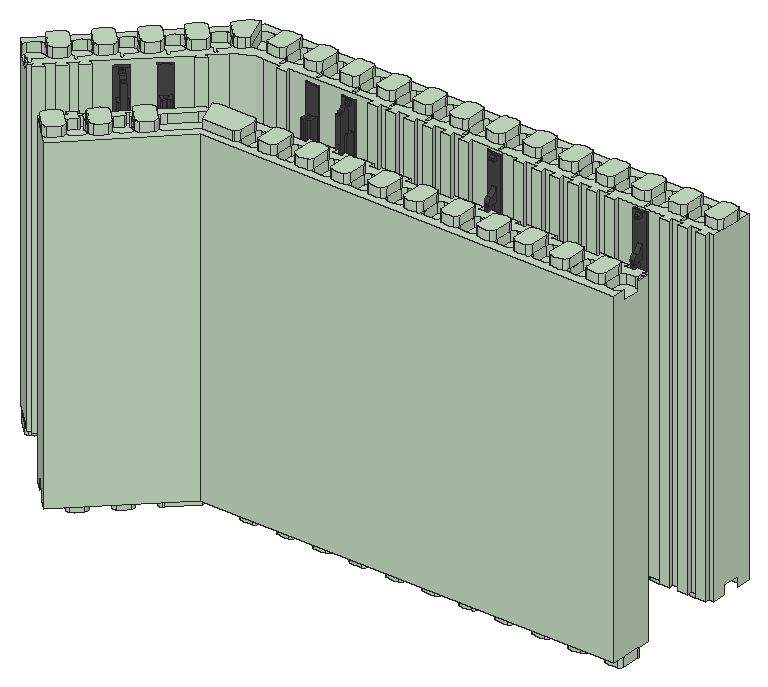
Revit family
Reference planes
  plane 1 "Center (Front/Back)": y = 0
  plane 2: z = 0
  plane 3 "Center (Left/Right)": x = 0
Forms (mm)
  Extrusion 1, solid, material "NUDURA Expanded Polystyrene Foam Insulation"
    sketch origin (0.184, 0.07, 0) x (1, 0, 0) y (0, 1, 0)
      loop
        line (-48.66, 117.475) -> (-237.801, -71.666) -> (-195.145, -114.323) -> (-190.095, -109.273) -> (-186.724, -114.882) -> (-176.625, -104.783) -> (-182.234, -101.412) -> (-172.135, -91.312) -> (-168.764, -96.922) -> (-158.664, -86.822) -> (-164.274, -83.452) -> (-154.174, -73.352) -> (-150.803, -78.961) -> (-140.704, -68.862) -> (-146.313, -65.491) -> (-64.368, 16.454) -> (-60.998, 10.844) -> (-50.898, 20.944) -> (-56.508, 24.315) -> (-38.551, 42.271)
        arc (-38.551, 42.271) -> (-22.071, 53.283) -> (-2.63, 57.15) r 50.8
        line (-2.63, 57.15) -> (22.764, 57.15) -> (21.181, 50.8) -> (35.464, 50.8) -> (33.881, 57.15) -> (149.768, 57.15) -> (148.185, 50.8) -> (162.468, 50.8) -> (160.885, 57.15) -> (175.168, 57.15) -> (173.585, 50.8) -> (187.868, 50.8) -> (186.285, 57.15) -> (200.568, 57.15) -> (198.985, 50.8) -> (213.268, 50.8) -> (211.685, 57.15) -> (225.968, 57.15) -> (224.385, 50.8) -> (238.668, 50.8) -> (237.085, 57.15) -> (251.368, 57.15) -> (249.785, 50.8) -> (264.068, 50.8) -> (262.485, 57.15) -> (276.768, 57.15) -> (275.185, 50.8) -> (289.468, 50.8) -> (287.885, 57.15) -> (352.968, 57.15) -> (351.385, 50.8) -> (365.668, 50.8) -> (364.085, 57.15) -> (378.368, 57.15) -> (376.785, 50.8) -> (391.068, 50.8) -> (389.485, 57.15) -> (403.768, 57.15) -> (402.185, 50.8) -> (416.468, 50.8) -> (414.885, 57.15) -> (429.168, 57.15) -> (427.585, 50.8) -> (441.868, 50.8) -> (440.285, 57.15) -> (454.568, 57.15) -> (452.985, 50.8) -> (467.268, 50.8) -> (465.685, 57.15) -> (479.968, 57.15) -> (478.385, 50.8) -> (492.668, 50.8) -> (491.085, 57.15) -> (556.168, 57.15) -> (554.585, 50.8) -> (568.868, 50.8) -> (567.285, 57.15) -> (581.568, 57.15) -> (579.985, 50.8) -> (594.268, 50.8) -> (592.685, 57.15) -> (606.968, 57.15) -> (605.385, 50.8) -> (619.668, 50.8) -> (618.085, 57.15) -> (625.227, 57.15) -> (625.227, 117.475) -> (-48.66, 117.475)
      loop
        line (625.227, -57.15) -> (618.085, -57.15) -> (619.668, -50.8) -> (605.385, -50.8) -> (606.968, -57.15) -> (592.685, -57.15) -> (594.268, -50.8) -> (579.985, -50.8) -> (581.568, -57.15) -> (567.285, -57.15) -> (568.868, -50.8) -> (554.585, -50.8) -> (556.168, -57.15) -> (491.085, -57.15) -> (492.668, -50.8) -> (478.385, -50.8) -> (479.968, -57.15) -> (465.685, -57.15) -> (467.268, -50.8) -> (452.985, -50.8) -> (454.568, -57.15) -> (440.285, -57.15) -> (441.868, -50.8) -> (427.585, -50.8) -> (429.168, -57.15) -> (414.885, -57.15) -> (416.468, -50.8) -> (402.185, -50.8) -> (403.768, -57.15) -> (389.485, -57.15) -> (391.068, -50.8) -> (376.785, -50.8) -> (378.368, -57.15) -> (364.085, -57.15) -> (365.668, -50.8) -> (351.385, -50.8) -> (352.968, -57.15) -> (287.885, -57.15) -> (289.468, -50.8) -> (275.185, -50.8) -> (276.768, -57.15) -> (262.485, -57.15) -> (264.068, -50.8) -> (249.785, -50.8) -> (251.368, -57.15) -> (237.085, -57.15) -> (238.668, -50.8) -> (224.385, -50.8) -> (225.968, -57.15) -> (211.685, -57.15) -> (213.268, -50.8) -> (198.985, -50.8) -> (200.568, -57.15) -> (186.285, -57.15) -> (187.868, -50.8) -> (173.585, -50.8) -> (175.168, -57.15) -> (160.885, -57.15) -> (162.468, -50.8) -> (148.185, -50.8) -> (149.768, -57.15) -> (44.714, -57.15)
        arc (44.714, -57.15) -> (25.274, -61.017) -> (8.793, -72.029) r 50.8
        line (8.793, -72.029) -> (-65.491, -146.313) -> (-68.862, -140.704) -> (-78.961, -150.803) -> (-73.352, -154.174) -> (-83.452, -164.274) -> (-86.822, -158.664) -> (-96.922, -168.764) -> (-91.312, -172.135) -> (-101.412, -182.234) -> (-104.783, -176.625) -> (-114.882, -186.724) -> (-109.273, -190.095) -> (-114.323, -195.145) -> (-71.666, -237.801) -> (48.66, -117.475) -> (625.227, -117.475) -> (625.227, -57.15)
    from 0 to 457.2
  Extrusion 2, solid, material "NUDURA Expanded Polystyrene Foam Insulation"
    sketch origin (10.705, -25.33, 0) x (1, 0, 0) y (0, 1, 0)
      loop
        line (-38.796, 93.662) -> (-53.326, 128.741)
        arc (-53.326, 128.741) -> (-60.188, 125.074) -> (-66.202, 120.138) r 39.687
        line (-66.202, 120.138) -> (-69.84, 116.501)
        arc (-69.84, 116.501) -> (-72.579, 113.296) -> (-74.786, 109.703) r 26.988
        arc (-74.786, 109.703) -> (-75.404, 105.823) -> (-73.622, 102.322) r 6.35
        line (-73.622, 102.322) -> (-57.077, 85.778)
        arc (-57.077, 85.778) -> (-53.576, 83.995) -> (-49.696, 84.614) r 6.35
        arc (-49.696, 84.614) -> (-46.104, 86.821) -> (-42.899, 89.56) r 26.987
        line (-42.899, 89.56) -> (-38.796, 93.662)
    from 457.2 to 469.9
  Extrusion 3, solid, material "NUDURA Expanded Polystyrene Foam Insulation"
    sketch origin (10.705, -25.33, 0) x (1, 0, 0) y (0, 1, 0)
      loop
        line (-38.796, 93.662) -> (-32.994, 93.662)
        arc (-32.994, 93.662) -> (-28.791, 93.992) -> (-24.69, 94.972) r 26.988
        arc (-24.69, 94.972) -> (-21.51, 97.278) -> (-20.294, 101.014) r 6.35
        line (-20.294, 101.014) -> (-20.294, 124.411)
        arc (-20.294, 124.411) -> (-21.51, 128.147) -> (-24.69, 130.453) r 6.35
        arc (-24.69, 130.453) -> (-28.791, 131.433) -> (-32.994, 131.762) r 26.987
        line (-32.994, 131.762) -> (-38.139, 131.762)
        arc (-38.139, 131.762) -> (-45.881, 131) -> (-53.326, 128.741) r 39.687
        line (-53.326, 128.741) -> (-38.796, 93.662)
    from 0 to -12.7
  Extrusion 4, void
    sketch origin (-25.216, 10.591, 0) x (1, 0, 0) y (0, 1, 0)
      loop
        arc (-33.981, -218.47) -> (-27.183, -213.524) -> (-22.238, -206.726) r 26.988
        arc (-22.238, -206.726) -> (-21.619, -202.847) -> (-23.401, -199.345) r 6.35
        line (-23.401, -199.345) -> (-39.946, -182.801)
        arc (-39.946, -182.801) -> (-41.894, -181.472) -> (-44.193, -180.946) r 6.35
        arc (-44.193, -180.946) -> (-44.768, -180.814) -> (-45.255, -180.482) r 1.587
        line (-45.255, -180.482) -> (-51.471, -174.266) -> (-54.54, -177.334) -> (-50.56, -181.314)
        arc (-50.56, -181.314) -> (-50.1, -182.566) -> (-50.758, -183.727) r 1.588
        arc (-50.758, -183.727) -> (-55.492, -188.056) -> (-59.07, -193.38) r 26.988
        arc (-59.07, -193.38) -> (-59.689, -197.26) -> (-57.906, -200.761) r 6.35
        line (-57.906, -200.761) -> (-41.362, -217.306)
        arc (-41.362, -217.306) -> (-37.861, -219.088) -> (-33.981, -218.47) r 6.35
    from 457.2 to 444.5
  Extrusion 5, void
    sketch origin (10.705, 46.512, 0) x (1, 0, 0) y (0, 1, 0)
      loop
        arc (-33.981, -218.47) -> (-27.183, -213.524) -> (-22.238, -206.726) r 26.988
        arc (-22.238, -206.726) -> (-21.619, -202.847) -> (-23.401, -199.345) r 6.35
        line (-23.401, -199.345) -> (-39.946, -182.801)
        arc (-39.946, -182.801) -> (-41.894, -181.472) -> (-44.193, -180.946) r 6.35
        arc (-44.193, -180.946) -> (-44.768, -180.814) -> (-45.255, -180.482) r 1.587
        line (-45.255, -180.482) -> (-51.471, -174.266) -> (-54.54, -177.334) -> (-50.56, -181.314)
        arc (-50.56, -181.314) -> (-50.1, -182.566) -> (-50.758, -183.727) r 1.588
        arc (-50.758, -183.727) -> (-55.492, -188.056) -> (-59.07, -193.38) r 26.988
        arc (-59.07, -193.38) -> (-59.689, -197.26) -> (-57.906, -200.761) r 6.35
        line (-57.906, -200.761) -> (-41.362, -217.306)
        arc (-41.362, -217.306) -> (-37.861, -219.088) -> (-33.981, -218.47) r 6.35
    from 457.2 to 444.5
  Extrusion 6, void
    sketch origin (274.916, 25.47, 0) x (0.707107, -0.707107, 0) y (0.707107, 0.707107, 0)
      loop
        arc (-33.981, -218.47) -> (-27.183, -213.524) -> (-22.238, -206.726) r 26.988
        arc (-22.238, -206.726) -> (-21.619, -202.847) -> (-23.401, -199.345) r 6.35
        line (-23.401, -199.345) -> (-39.946, -182.801)
        arc (-39.946, -182.801) -> (-41.894, -181.472) -> (-44.193, -180.946) r 6.35
        arc (-44.193, -180.946) -> (-44.768, -180.814) -> (-45.255, -180.482) r 1.587
        line (-45.255, -180.482) -> (-51.471, -174.266) -> (-54.54, -177.334) -> (-50.56, -181.314)
        arc (-50.56, -181.314) -> (-50.1, -182.566) -> (-50.758, -183.727) r 1.588
        arc (-50.758, -183.727) -> (-55.492, -188.056) -> (-59.07, -193.38) r 26.988
        arc (-59.07, -193.38) -> (-59.689, -197.26) -> (-57.906, -200.761) r 6.35
        line (-57.906, -200.761) -> (-41.362, -217.306)
        arc (-41.362, -217.306) -> (-37.861, -219.088) -> (-33.981, -218.47) r 6.35
    from 457.2 to 444.5
  Extrusion 7, void
    sketch origin (325.716, 25.47, 0) x (0.707107, -0.707107, 0) y (0.707107, 0.707107, 0)
      loop
        arc (-33.981, -218.47) -> (-27.183, -213.524) -> (-22.238, -206.726) r 26.988
        arc (-22.238, -206.726) -> (-21.619, -202.847) -> (-23.401, -199.345) r 6.35
        line (-23.401, -199.345) -> (-39.946, -182.801)
        arc (-39.946, -182.801) -> (-41.894, -181.472) -> (-44.193, -180.946) r 6.35
        arc (-44.193, -180.946) -> (-44.768, -180.814) -> (-45.255, -180.482) r 1.587
        line (-45.255, -180.482) -> (-51.471, -174.266) -> (-54.54, -177.334) -> (-50.56, -181.314)
        arc (-50.56, -181.314) -> (-50.1, -182.566) -> (-50.758, -183.727) r 1.588
        arc (-50.758, -183.727) -> (-55.492, -188.056) -> (-59.07, -193.38) r 26.988
        arc (-59.07, -193.38) -> (-59.689, -197.26) -> (-57.906, -200.761) r 6.35
        line (-57.906, -200.761) -> (-41.362, -217.306)
        arc (-41.362, -217.306) -> (-37.861, -219.088) -> (-33.981, -218.47) r 6.35
    from 457.2 to 444.5
  Extrusion 8, void
    sketch origin (376.516, 25.47, 0) x (0.707107, -0.707107, 0) y (0.707107, 0.707107, 0)
      loop
        arc (-33.981, -218.47) -> (-27.183, -213.524) -> (-22.238, -206.726) r 26.988
        arc (-22.238, -206.726) -> (-21.619, -202.847) -> (-23.401, -199.345) r 6.35
        line (-23.401, -199.345) -> (-39.946, -182.801)
        arc (-39.946, -182.801) -> (-41.894, -181.472) -> (-44.193, -180.946) r 6.35
        arc (-44.193, -180.946) -> (-44.768, -180.814) -> (-45.255, -180.482) r 1.587
        line (-45.255, -180.482) -> (-51.471, -174.266) -> (-54.54, -177.334) -> (-50.56, -181.314)
        arc (-50.56, -181.314) -> (-50.1, -182.566) -> (-50.758, -183.727) r 1.588
        arc (-50.758, -183.727) -> (-55.492, -188.056) -> (-59.07, -193.38) r 26.988
        arc (-59.07, -193.38) -> (-59.689, -197.26) -> (-57.906, -200.761) r 6.35
        line (-57.906, -200.761) -> (-41.362, -217.306)
        arc (-41.362, -217.306) -> (-37.861, -219.088) -> (-33.981, -218.47) r 6.35
    from 457.2 to 444.5
  Extrusion 9, void
    sketch origin (427.316, 25.47, 0) x (0.707107, -0.707107, 0) y (0.707107, 0.707107, 0)
      loop
        arc (-33.981, -218.47) -> (-27.183, -213.524) -> (-22.238, -206.726) r 26.988
        arc (-22.238, -206.726) -> (-21.619, -202.847) -> (-23.401, -199.345) r 6.35
        line (-23.401, -199.345) -> (-39.946, -182.801)
        arc (-39.946, -182.801) -> (-41.894, -181.472) -> (-44.193, -180.946) r 6.35
        arc (-44.193, -180.946) -> (-44.768, -180.814) -> (-45.255, -180.482) r 1.587
        line (-45.255, -180.482) -> (-51.471, -174.266) -> (-54.54, -177.334) -> (-50.56, -181.314)
        arc (-50.56, -181.314) -> (-50.1, -182.566) -> (-50.758, -183.727) r 1.588
        arc (-50.758, -183.727) -> (-55.492, -188.056) -> (-59.07, -193.38) r 26.988
        arc (-59.07, -193.38) -> (-59.689, -197.26) -> (-57.906, -200.761) r 6.35
        line (-57.906, -200.761) -> (-41.362, -217.306)
        arc (-41.362, -217.306) -> (-37.861, -219.088) -> (-33.981, -218.47) r 6.35
    from 457.2 to 444.5
  Extrusion 10, void
    sketch origin (478.116, 25.47, 0) x (0.707107, -0.707107, 0) y (0.707107, 0.707107, 0)
      loop
        arc (-33.981, -218.47) -> (-27.183, -213.524) -> (-22.238, -206.726) r 26.988
        arc (-22.238, -206.726) -> (-21.619, -202.847) -> (-23.401, -199.345) r 6.35
        line (-23.401, -199.345) -> (-39.946, -182.801)
        arc (-39.946, -182.801) -> (-41.894, -181.472) -> (-44.193, -180.946) r 6.35
        arc (-44.193, -180.946) -> (-44.768, -180.814) -> (-45.255, -180.482) r 1.587
        line (-45.255, -180.482) -> (-51.471, -174.266) -> (-54.54, -177.334) -> (-50.56, -181.314)
        arc (-50.56, -181.314) -> (-50.1, -182.566) -> (-50.758, -183.727) r 1.588
        arc (-50.758, -183.727) -> (-55.492, -188.056) -> (-59.07, -193.38) r 26.988
        arc (-59.07, -193.38) -> (-59.689, -197.26) -> (-57.906, -200.761) r 6.35
        line (-57.906, -200.761) -> (-41.362, -217.306)
        arc (-41.362, -217.306) -> (-37.861, -219.088) -> (-33.981, -218.47) r 6.35
    from 457.2 to 444.5
  Extrusion 11, void
    sketch origin (528.916, 25.47, 0) x (0.707107, -0.707107, 0) y (0.707107, 0.707107, 0)
      loop
        arc (-33.981, -218.47) -> (-27.183, -213.524) -> (-22.238, -206.726) r 26.988
        arc (-22.238, -206.726) -> (-21.619, -202.847) -> (-23.401, -199.345) r 6.35
        line (-23.401, -199.345) -> (-39.946, -182.801)
        arc (-39.946, -182.801) -> (-41.894, -181.472) -> (-44.193, -180.946) r 6.35
        arc (-44.193, -180.946) -> (-44.768, -180.814) -> (-45.255, -180.482) r 1.587
        line (-45.255, -180.482) -> (-51.471, -174.266) -> (-54.54, -177.334) -> (-50.56, -181.314)
        arc (-50.56, -181.314) -> (-50.1, -182.566) -> (-50.758, -183.727) r 1.588
        arc (-50.758, -183.727) -> (-55.492, -188.056) -> (-59.07, -193.38) r 26.988
        arc (-59.07, -193.38) -> (-59.689, -197.26) -> (-57.906, -200.761) r 6.35
        line (-57.906, -200.761) -> (-41.362, -217.306)
        arc (-41.362, -217.306) -> (-37.861, -219.088) -> (-33.981, -218.47) r 6.35
    from 457.2 to 444.5
  Extrusion 12, void
    sketch origin (579.716, 25.47, 0) x (0.707107, -0.707107, 0) y (0.707107, 0.707107, 0)
      loop
        arc (-33.981, -218.47) -> (-27.183, -213.524) -> (-22.238, -206.726) r 26.988
        arc (-22.238, -206.726) -> (-21.619, -202.847) -> (-23.401, -199.345) r 6.35
        line (-23.401, -199.345) -> (-39.946, -182.801)
        arc (-39.946, -182.801) -> (-41.894, -181.472) -> (-44.193, -180.946) r 6.35
        arc (-44.193, -180.946) -> (-44.768, -180.814) -> (-45.255, -180.482) r 1.587
        line (-45.255, -180.482) -> (-51.471, -174.266) -> (-54.54, -177.334) -> (-50.56, -181.314)
        arc (-50.56, -181.314) -> (-50.1, -182.566) -> (-50.758, -183.727) r 1.588
        arc (-50.758, -183.727) -> (-55.492, -188.056) -> (-59.07, -193.38) r 26.988
        arc (-59.07, -193.38) -> (-59.689, -197.26) -> (-57.906, -200.761) r 6.35
        line (-57.906, -200.761) -> (-41.362, -217.306)
        arc (-41.362, -217.306) -> (-37.861, -219.088) -> (-33.981, -218.47) r 6.35
    from 457.2 to 444.5
  Extrusion 13, void
    sketch origin (630.516, 25.47, 0) x (0.707107, -0.707107, 0) y (0.707107, 0.707107, 0)
      loop
        arc (-33.981, -218.47) -> (-27.183, -213.524) -> (-22.238, -206.726) r 26.988
        arc (-22.238, -206.726) -> (-21.619, -202.847) -> (-23.401, -199.345) r 6.35
        line (-23.401, -199.345) -> (-39.946, -182.801)
        arc (-39.946, -182.801) -> (-41.894, -181.472) -> (-44.193, -180.946) r 6.35
        arc (-44.193, -180.946) -> (-44.768, -180.814) -> (-45.255, -180.482) r 1.587
        line (-45.255, -180.482) -> (-51.471, -174.266) -> (-54.54, -177.334) -> (-50.56, -181.314)
        arc (-50.56, -181.314) -> (-50.1, -182.566) -> (-50.758, -183.727) r 1.588
        arc (-50.758, -183.727) -> (-55.492, -188.056) -> (-59.07, -193.38) r 26.988
        arc (-59.07, -193.38) -> (-59.689, -197.26) -> (-57.906, -200.761) r 6.35
        line (-57.906, -200.761) -> (-41.362, -217.306)
        arc (-41.362, -217.306) -> (-37.861, -219.088) -> (-33.981, -218.47) r 6.35
    from 457.2 to 444.5
  Extrusion 14, void
    sketch origin (681.316, 25.47, 0) x (0.707107, -0.707107, 0) y (0.707107, 0.707107, 0)
      loop
        arc (-33.981, -218.47) -> (-27.183, -213.524) -> (-22.238, -206.726) r 26.988
        arc (-22.238, -206.726) -> (-21.619, -202.847) -> (-23.401, -199.345) r 6.35
        line (-23.401, -199.345) -> (-39.946, -182.801)
        arc (-39.946, -182.801) -> (-41.894, -181.472) -> (-44.193, -180.946) r 6.35
        arc (-44.193, -180.946) -> (-44.768, -180.814) -> (-45.255, -180.482) r 1.587
        line (-45.255, -180.482) -> (-51.471, -174.266) -> (-54.54, -177.334) -> (-50.56, -181.314)
        arc (-50.56, -181.314) -> (-50.1, -182.566) -> (-50.758, -183.727) r 1.588
        arc (-50.758, -183.727) -> (-55.492, -188.056) -> (-59.07, -193.38) r 26.988
        arc (-59.07, -193.38) -> (-59.689, -197.26) -> (-57.906, -200.761) r 6.35
        line (-57.906, -200.761) -> (-41.362, -217.306)
        arc (-41.362, -217.306) -> (-37.861, -219.088) -> (-33.981, -218.47) r 6.35
    from 457.2 to 444.5
  Extrusion 15, void
    sketch origin (732.116, 25.47, 0) x (0.707107, -0.707107, 0) y (0.707107, 0.707107, 0)
      loop
        arc (-33.981, -218.47) -> (-27.183, -213.524) -> (-22.238, -206.726) r 26.988
        arc (-22.238, -206.726) -> (-21.619, -202.847) -> (-23.401, -199.345) r 6.35
        line (-23.401, -199.345) -> (-39.946, -182.801)
        arc (-39.946, -182.801) -> (-41.894, -181.472) -> (-44.193, -180.946) r 6.35
        arc (-44.193, -180.946) -> (-44.768, -180.814) -> (-45.255, -180.482) r 1.587
        line (-45.255, -180.482) -> (-51.471, -174.266) -> (-54.54, -177.334) -> (-50.56, -181.314)
        arc (-50.56, -181.314) -> (-50.1, -182.566) -> (-50.758, -183.727) r 1.588
        arc (-50.758, -183.727) -> (-55.492, -188.056) -> (-59.07, -193.38) r 26.988
        arc (-59.07, -193.38) -> (-59.689, -197.26) -> (-57.906, -200.761) r 6.35
        line (-57.906, -200.761) -> (-41.362, -217.306)
        arc (-41.362, -217.306) -> (-37.861, -219.088) -> (-33.981, -218.47) r 6.35
    from 457.2 to 444.5
  Extrusion 16, void
    sketch origin (782.916, 25.47, 0) x (0.707107, -0.707107, 0) y (0.707107, 0.707107, 0)
      loop
        arc (-33.981, -218.47) -> (-27.183, -213.524) -> (-22.238, -206.726) r 26.988
        arc (-22.238, -206.726) -> (-21.619, -202.847) -> (-23.401, -199.345) r 6.35
        line (-23.401, -199.345) -> (-39.946, -182.801)
        arc (-39.946, -182.801) -> (-41.894, -181.472) -> (-44.193, -180.946) r 6.35
        arc (-44.193, -180.946) -> (-44.768, -180.814) -> (-45.255, -180.482) r 1.587
        line (-45.255, -180.482) -> (-51.471, -174.266) -> (-54.54, -177.334) -> (-50.56, -181.314)
        arc (-50.56, -181.314) -> (-50.1, -182.566) -> (-50.758, -183.727) r 1.588
        arc (-50.758, -183.727) -> (-55.492, -188.056) -> (-59.07, -193.38) r 26.988
        arc (-59.07, -193.38) -> (-59.689, -197.26) -> (-57.906, -200.761) r 6.35
        line (-57.906, -200.761) -> (-41.362, -217.306)
        arc (-41.362, -217.306) -> (-37.861, -219.088) -> (-33.981, -218.47) r 6.35
    from 457.2 to 444.5
  Extrusion 17, void
    sketch origin (366.305, -25.33, 0) x (-0.707107, 0.707107, 0) y (-0.707107, -0.707107, 0)
      loop
        arc (-33.981, -218.47) -> (-27.183, -213.524) -> (-22.238, -206.726) r 26.988
        arc (-22.238, -206.726) -> (-21.619, -202.847) -> (-23.401, -199.345) r 6.35
        line (-23.401, -199.345) -> (-39.946, -182.801)
        arc (-39.946, -182.801) -> (-41.894, -181.472) -> (-44.193, -180.946) r 6.35
        arc (-44.193, -180.946) -> (-44.768, -180.814) -> (-45.255, -180.482) r 1.587
        line (-45.255, -180.482) -> (-51.471, -174.266) -> (-54.54, -177.334) -> (-50.56, -181.314)
        arc (-50.56, -181.314) -> (-50.1, -182.566) -> (-50.758, -183.727) r 1.588
        arc (-50.758, -183.727) -> (-55.492, -188.056) -> (-59.07, -193.38) r 26.988
        arc (-59.07, -193.38) -> (-59.689, -197.26) -> (-57.906, -200.761) r 6.35
        line (-57.906, -200.761) -> (-41.362, -217.306)
        arc (-41.362, -217.306) -> (-37.861, -219.088) -> (-33.981, -218.47) r 6.35
    from 457.2 to 444.5
  Extrusion 18, void
    sketch origin (417.105, -25.33, 0) x (-0.707107, 0.707107, 0) y (-0.707107, -0.707107, 0)
      loop
        arc (-33.981, -218.47) -> (-27.183, -213.524) -> (-22.238, -206.726) r 26.988
        arc (-22.238, -206.726) -> (-21.619, -202.847) -> (-23.401, -199.345) r 6.35
        line (-23.401, -199.345) -> (-39.946, -182.801)
        arc (-39.946, -182.801) -> (-41.894, -181.472) -> (-44.193, -180.946) r 6.35
        arc (-44.193, -180.946) -> (-44.768, -180.814) -> (-45.255, -180.482) r 1.587
        line (-45.255, -180.482) -> (-51.471, -174.266) -> (-54.54, -177.334) -> (-50.56, -181.314)
        arc (-50.56, -181.314) -> (-50.1, -182.566) -> (-50.758, -183.727) r 1.588
        arc (-50.758, -183.727) -> (-55.492, -188.056) -> (-59.07, -193.38) r 26.988
        arc (-59.07, -193.38) -> (-59.689, -197.26) -> (-57.906, -200.761) r 6.35
        line (-57.906, -200.761) -> (-41.362, -217.306)
        arc (-41.362, -217.306) -> (-37.861, -219.088) -> (-33.981, -218.47) r 6.35
    from 457.2 to 444.5
  Extrusion 19, void
    sketch origin (315.505, -25.33, 0) x (-0.707107, 0.707107, 0) y (-0.707107, -0.707107, 0)
      loop
        arc (-33.981, -218.47) -> (-27.183, -213.524) -> (-22.238, -206.726) r 26.988
        arc (-22.238, -206.726) -> (-21.619, -202.847) -> (-23.401, -199.345) r 6.35
        line (-23.401, -199.345) -> (-39.946, -182.801)
        arc (-39.946, -182.801) -> (-41.894, -181.472) -> (-44.193, -180.946) r 6.35
        arc (-44.193, -180.946) -> (-44.768, -180.814) -> (-45.255, -180.482) r 1.587
        line (-45.255, -180.482) -> (-51.471, -174.266) -> (-54.54, -177.334) -> (-50.56, -181.314)
        arc (-50.56, -181.314) -> (-50.1, -182.566) -> (-50.758, -183.727) r 1.588
        arc (-50.758, -183.727) -> (-55.492, -188.056) -> (-59.07, -193.38) r 26.988
        arc (-59.07, -193.38) -> (-59.689, -197.26) -> (-57.906, -200.761) r 6.35
        line (-57.906, -200.761) -> (-41.362, -217.306)
        arc (-41.362, -217.306) -> (-37.861, -219.088) -> (-33.981, -218.47) r 6.35
    from 457.2 to 444.5
  Extrusion 20, void
    sketch origin (264.705, -25.33, 0) x (-0.707107, 0.707107, 0) y (-0.707107, -0.707107, 0)
      loop
        arc (-33.981, -218.47) -> (-27.183, -213.524) -> (-22.238, -206.726) r 26.988
        arc (-22.238, -206.726) -> (-21.619, -202.847) -> (-23.401, -199.345) r 6.35
        line (-23.401, -199.345) -> (-39.946, -182.801)
        arc (-39.946, -182.801) -> (-41.894, -181.472) -> (-44.193, -180.946) r 6.35
        arc (-44.193, -180.946) -> (-44.768, -180.814) -> (-45.255, -180.482) r 1.587
        line (-45.255, -180.482) -> (-51.471, -174.266) -> (-54.54, -177.334) -> (-50.56, -181.314)
        arc (-50.56, -181.314) -> (-50.1, -182.566) -> (-50.758, -183.727) r 1.588
        arc (-50.758, -183.727) -> (-55.492, -188.056) -> (-59.07, -193.38) r 26.988
        arc (-59.07, -193.38) -> (-59.689, -197.26) -> (-57.906, -200.761) r 6.35
        line (-57.906, -200.761) -> (-41.362, -217.306)
        arc (-41.362, -217.306) -> (-37.861, -219.088) -> (-33.981, -218.47) r 6.35
    from 457.2 to 444.5
  Extrusion 21, void
    sketch origin (213.905, -25.33, 0) x (-0.707107, 0.707107, 0) y (-0.707107, -0.707107, 0)
      loop
        arc (-33.981, -218.47) -> (-27.183, -213.524) -> (-22.238, -206.726) r 26.988
        arc (-22.238, -206.726) -> (-21.619, -202.847) -> (-23.401, -199.345) r 6.35
        line (-23.401, -199.345) -> (-39.946, -182.801)
        arc (-39.946, -182.801) -> (-41.894, -181.472) -> (-44.193, -180.946) r 6.35
        arc (-44.193, -180.946) -> (-44.768, -180.814) -> (-45.255, -180.482) r 1.587
        line (-45.255, -180.482) -> (-51.471, -174.266) -> (-54.54, -177.334) -> (-50.56, -181.314)
        arc (-50.56, -181.314) -> (-50.1, -182.566) -> (-50.758, -183.727) r 1.588
        arc (-50.758, -183.727) -> (-55.492, -188.056) -> (-59.07, -193.38) r 26.988
        arc (-59.07, -193.38) -> (-59.689, -197.26) -> (-57.906, -200.761) r 6.35
        line (-57.906, -200.761) -> (-41.362, -217.306)
        arc (-41.362, -217.306) -> (-37.861, -219.088) -> (-33.981, -218.47) r 6.35
    from 457.2 to 444.5
  Extrusion 22, void
    sketch origin (163.105, -25.33, 0) x (-0.707107, 0.707107, 0) y (-0.707107, -0.707107, 0)
      loop
        arc (-33.981, -218.47) -> (-27.183, -213.524) -> (-22.238, -206.726) r 26.988
        arc (-22.238, -206.726) -> (-21.619, -202.847) -> (-23.401, -199.345) r 6.35
        line (-23.401, -199.345) -> (-39.946, -182.801)
        arc (-39.946, -182.801) -> (-41.894, -181.472) -> (-44.193, -180.946) r 6.35
        arc (-44.193, -180.946) -> (-44.768, -180.814) -> (-45.255, -180.482) r 1.587
        line (-45.255, -180.482) -> (-51.471, -174.266) -> (-54.54, -177.334) -> (-50.56, -181.314)
        arc (-50.56, -181.314) -> (-50.1, -182.566) -> (-50.758, -183.727) r 1.588
        arc (-50.758, -183.727) -> (-55.492, -188.056) -> (-59.07, -193.38) r 26.988
        arc (-59.07, -193.38) -> (-59.689, -197.26) -> (-57.906, -200.761) r 6.35
        line (-57.906, -200.761) -> (-41.362, -217.306)
        arc (-41.362, -217.306) -> (-37.861, -219.088) -> (-33.981, -218.47) r 6.35
    from 457.2 to 444.5
  Extrusion 23, void
    sketch origin (112.305, -25.33, 0) x (-0.707107, 0.707107, 0) y (-0.707107, -0.707107, 0)
      loop
        arc (-33.981, -218.47) -> (-27.183, -213.524) -> (-22.238, -206.726) r 26.988
        arc (-22.238, -206.726) -> (-21.619, -202.847) -> (-23.401, -199.345) r 6.35
        line (-23.401, -199.345) -> (-39.946, -182.801)
        arc (-39.946, -182.801) -> (-41.894, -181.472) -> (-44.193, -180.946) r 6.35
        arc (-44.193, -180.946) -> (-44.768, -180.814) -> (-45.255, -180.482) r 1.587
        line (-45.255, -180.482) -> (-51.471, -174.266) -> (-54.54, -177.334) -> (-50.56, -181.314)
        arc (-50.56, -181.314) -> (-50.1, -182.566) -> (-50.758, -183.727) r 1.588
        arc (-50.758, -183.727) -> (-55.492, -188.056) -> (-59.07, -193.38) r 26.988
        arc (-59.07, -193.38) -> (-59.689, -197.26) -> (-57.906, -200.761) r 6.35
        line (-57.906, -200.761) -> (-41.362, -217.306)
        arc (-41.362, -217.306) -> (-37.861, -219.088) -> (-33.981, -218.47) r 6.35
    from 457.2 to 444.5
  Extrusion 24, void
    sketch origin (61.505, -25.33, 0) x (-0.707107, 0.707107, 0) y (-0.707107, -0.707107, 0)
      loop
        arc (-33.981, -218.47) -> (-27.183, -213.524) -> (-22.238, -206.726) r 26.988
        arc (-22.238, -206.726) -> (-21.619, -202.847) -> (-23.401, -199.345) r 6.35
        line (-23.401, -199.345) -> (-39.946, -182.801)
        arc (-39.946, -182.801) -> (-41.894, -181.472) -> (-44.193, -180.946) r 6.35
        arc (-44.193, -180.946) -> (-44.768, -180.814) -> (-45.255, -180.482) r 1.587
        line (-45.255, -180.482) -> (-51.471, -174.266) -> (-54.54, -177.334) -> (-50.56, -181.314)
        arc (-50.56, -181.314) -> (-50.1, -182.566) -> (-50.758, -183.727) r 1.588
        arc (-50.758, -183.727) -> (-55.492, -188.056) -> (-59.07, -193.38) r 26.988
        arc (-59.07, -193.38) -> (-59.689, -197.26) -> (-57.906, -200.761) r 6.35
        line (-57.906, -200.761) -> (-41.362, -217.306)
        arc (-41.362, -217.306) -> (-37.861, -219.088) -> (-33.981, -218.47) r 6.35
    from 457.2 to 444.5
  Extrusion 25, void
    sketch origin (10.705, -25.33, 0) x (-0.707107, 0.707107, 0) y (-0.707107, -0.707107, 0)
      loop
        arc (-33.981, -218.47) -> (-27.183, -213.524) -> (-22.238, -206.726) r 26.988
        arc (-22.238, -206.726) -> (-21.619, -202.847) -> (-23.401, -199.345) r 6.35
        line (-23.401, -199.345) -> (-39.946, -182.801)
        arc (-39.946, -182.801) -> (-41.894, -181.472) -> (-44.193, -180.946) r 6.35
        arc (-44.193, -180.946) -> (-44.768, -180.814) -> (-45.255, -180.482) r 1.587
        line (-45.255, -180.482) -> (-51.471, -174.266) -> (-54.54, -177.334) -> (-50.56, -181.314)
        arc (-50.56, -181.314) -> (-50.1, -182.566) -> (-50.758, -183.727) r 1.588
        arc (-50.758, -183.727) -> (-55.492, -188.056) -> (-59.07, -193.38) r 26.988
        arc (-59.07, -193.38) -> (-59.689, -197.26) -> (-57.906, -200.761) r 6.35
        line (-57.906, -200.761) -> (-41.362, -217.306)
        arc (-41.362, -217.306) -> (-37.861, -219.088) -> (-33.981, -218.47) r 6.35
    from 457.2 to 444.5
  Extrusion 26, void
    sketch origin (-40.095, -25.33, 0) x (-0.707107, 0.707107, 0) y (-0.707107, -0.707107, 0)
      loop
        arc (-33.981, -218.47) -> (-27.183, -213.524) -> (-22.238, -206.726) r 26.988
        arc (-22.238, -206.726) -> (-21.619, -202.847) -> (-23.401, -199.345) r 6.35
        line (-23.401, -199.345) -> (-39.946, -182.801)
        arc (-39.946, -182.801) -> (-41.894, -181.472) -> (-44.193, -180.946) r 6.35
        arc (-44.193, -180.946) -> (-44.768, -180.814) -> (-45.255, -180.482) r 1.587
        line (-45.255, -180.482) -> (-51.471, -174.266) -> (-54.54, -177.334) -> (-50.56, -181.314)
        arc (-50.56, -181.314) -> (-50.1, -182.566) -> (-50.758, -183.727) r 1.588
        arc (-50.758, -183.727) -> (-55.492, -188.056) -> (-59.07, -193.38) r 26.988
        arc (-59.07, -193.38) -> (-59.689, -197.26) -> (-57.906, -200.761) r 6.35
        line (-57.906, -200.761) -> (-41.362, -217.306)
        arc (-41.362, -217.306) -> (-37.861, -219.088) -> (-33.981, -218.47) r 6.35
    from 457.2 to 444.5
  Extrusion 27, void
    sketch origin (-90.895, -25.33, 0) x (-0.707107, 0.707107, 0) y (-0.707107, -0.707107, 0)
      loop
        arc (-33.981, -218.47) -> (-27.183, -213.524) -> (-22.238, -206.726) r 26.988
        arc (-22.238, -206.726) -> (-21.619, -202.847) -> (-23.401, -199.345) r 6.35
        line (-23.401, -199.345) -> (-39.946, -182.801)
        arc (-39.946, -182.801) -> (-41.894, -181.472) -> (-44.193, -180.946) r 6.35
        arc (-44.193, -180.946) -> (-44.768, -180.814) -> (-45.255, -180.482) r 1.587
        line (-45.255, -180.482) -> (-51.471, -174.266) -> (-54.54, -177.334) -> (-50.56, -181.314)
        arc (-50.56, -181.314) -> (-50.1, -182.566) -> (-50.758, -183.727) r 1.588
        arc (-50.758, -183.727) -> (-55.492, -188.056) -> (-59.07, -193.38) r 26.988
        arc (-59.07, -193.38) -> (-59.689, -197.26) -> (-57.906, -200.761) r 6.35
        line (-57.906, -200.761) -> (-41.362, -217.306)
        arc (-41.362, -217.306) -> (-37.861, -219.088) -> (-33.981, -218.47) r 6.35
    from 457.2 to 444.5
  Extrusion 28, void
    sketch origin (-141.695, -25.33, 0) x (-0.707107, 0.707107, 0) y (-0.707107, -0.707107, 0)
      loop
        arc (-33.981, -218.47) -> (-27.183, -213.524) -> (-22.238, -206.726) r 26.988
        arc (-22.238, -206.726) -> (-21.619, -202.847) -> (-23.401, -199.345) r 6.35
        line (-23.401, -199.345) -> (-39.946, -182.801)
        arc (-39.946, -182.801) -> (-41.894, -181.472) -> (-44.193, -180.946) r 6.35
        arc (-44.193, -180.946) -> (-44.768, -180.814) -> (-45.255, -180.482) r 1.587
        line (-45.255, -180.482) -> (-51.471, -174.266) -> (-54.54, -177.334) -> (-50.56, -181.314)
        arc (-50.56, -181.314) -> (-50.1, -182.566) -> (-50.758, -183.727) r 1.588
        arc (-50.758, -183.727) -> (-55.492, -188.056) -> (-59.07, -193.38) r 26.988
        arc (-59.07, -193.38) -> (-59.689, -197.26) -> (-57.906, -200.761) r 6.35
        line (-57.906, -200.761) -> (-41.362, -217.306)
        arc (-41.362, -217.306) -> (-37.861, -219.088) -> (-33.981, -218.47) r 6.35
    from 457.2 to 444.5
  Extrusion 29, void
    sketch origin (-247.962, -283.997, 0) x (-1, 0, 0) y (0, -1, 0)
      loop
        arc (-33.981, -218.47) -> (-27.183, -213.524) -> (-22.238, -206.726) r 26.988
        arc (-22.238, -206.726) -> (-21.619, -202.847) -> (-23.401, -199.345) r 6.35
        line (-23.401, -199.345) -> (-39.946, -182.801)
        arc (-39.946, -182.801) -> (-41.894, -181.472) -> (-44.193, -180.946) r 6.35
        arc (-44.193, -180.946) -> (-44.768, -180.814) -> (-45.255, -180.482) r 1.587
        line (-45.255, -180.482) -> (-51.471, -174.266) -> (-54.54, -177.334) -> (-50.56, -181.314)
        arc (-50.56, -181.314) -> (-50.1, -182.566) -> (-50.758, -183.727) r 1.588
        arc (-50.758, -183.727) -> (-55.492, -188.056) -> (-59.07, -193.38) r 26.988
        arc (-59.07, -193.38) -> (-59.689, -197.26) -> (-57.906, -200.761) r 6.35
        line (-57.906, -200.761) -> (-41.362, -217.306)
        arc (-41.362, -217.306) -> (-37.861, -219.088) -> (-33.981, -218.47) r 6.35
    from 457.2 to 444.5
  Extrusion 30, void
    sketch origin (-212.041, -248.076, 0) x (-1, 0, 0) y (0, -1, 0)
      loop
        arc (-33.981, -218.47) -> (-27.183, -213.524) -> (-22.238, -206.726) r 26.988
        arc (-22.238, -206.726) -> (-21.619, -202.847) -> (-23.401, -199.345) r 6.35
        line (-23.401, -199.345) -> (-39.946, -182.801)
        arc (-39.946, -182.801) -> (-41.894, -181.472) -> (-44.193, -180.946) r 6.35
        arc (-44.193, -180.946) -> (-44.768, -180.814) -> (-45.255, -180.482) r 1.587
        line (-45.255, -180.482) -> (-51.471, -174.266) -> (-54.54, -177.334) -> (-50.56, -181.314)
        arc (-50.56, -181.314) -> (-50.1, -182.566) -> (-50.758, -183.727) r 1.588
        arc (-50.758, -183.727) -> (-55.492, -188.056) -> (-59.07, -193.38) r 26.988
        arc (-59.07, -193.38) -> (-59.689, -197.26) -> (-57.906, -200.761) r 6.35
        line (-57.906, -200.761) -> (-41.362, -217.306)
        arc (-41.362, -217.306) -> (-37.861, -219.088) -> (-33.981, -218.47) r 6.35
    from 457.2 to 444.5
  Extrusion 31, void
    sketch origin (-176.12, -212.155, 0) x (-1, 0, 0) y (0, -1, 0)
      loop
        arc (-33.981, -218.47) -> (-27.183, -213.524) -> (-22.238, -206.726) r 26.988
        arc (-22.238, -206.726) -> (-21.619, -202.847) -> (-23.401, -199.345) r 6.35
        line (-23.401, -199.345) -> (-39.946, -182.801)
        arc (-39.946, -182.801) -> (-41.894, -181.472) -> (-44.193, -180.946) r 6.35
        arc (-44.193, -180.946) -> (-44.768, -180.814) -> (-45.255, -180.482) r 1.587
        line (-45.255, -180.482) -> (-51.471, -174.266) -> (-54.54, -177.334) -> (-50.56, -181.314)
        arc (-50.56, -181.314) -> (-50.1, -182.566) -> (-50.758, -183.727) r 1.588
        arc (-50.758, -183.727) -> (-55.492, -188.056) -> (-59.07, -193.38) r 26.988
        arc (-59.07, -193.38) -> (-59.689, -197.26) -> (-57.906, -200.761) r 6.35
        line (-57.906, -200.761) -> (-41.362, -217.306)
        arc (-41.362, -217.306) -> (-37.861, -219.088) -> (-33.981, -218.47) r 6.35
    from 457.2 to 444.5
  Extrusion 32, void
    sketch origin (-140.199, -176.234, 0) x (-1, 0, 0) y (0, -1, 0)
      loop
        arc (-33.981, -218.47) -> (-27.183, -213.524) -> (-22.238, -206.726) r 26.988
        arc (-22.238, -206.726) -> (-21.619, -202.847) -> (-23.401, -199.345) r 6.35
        line (-23.401, -199.345) -> (-39.946, -182.801)
        arc (-39.946, -182.801) -> (-41.894, -181.472) -> (-44.193, -180.946) r 6.35
        arc (-44.193, -180.946) -> (-44.768, -180.814) -> (-45.255, -180.482) r 1.587
        line (-45.255, -180.482) -> (-51.471, -174.266) -> (-54.54, -177.334) -> (-50.56, -181.314)
        arc (-50.56, -181.314) -> (-50.1, -182.566) -> (-50.758, -183.727) r 1.588
        arc (-50.758, -183.727) -> (-55.492, -188.056) -> (-59.07, -193.38) r 26.988
        arc (-59.07, -193.38) -> (-59.689, -197.26) -> (-57.906, -200.761) r 6.35
        line (-57.906, -200.761) -> (-41.362, -217.306)
        arc (-41.362, -217.306) -> (-37.861, -219.088) -> (-33.981, -218.47) r 6.35
    from 457.2 to 444.5
  Extrusion 33, void
    sketch origin (-104.278, -140.313, 0) x (-1, 0, 0) y (0, -1, 0)
      loop
        arc (-33.981, -218.47) -> (-27.183, -213.524) -> (-22.238, -206.726) r 26.988
        arc (-22.238, -206.726) -> (-21.619, -202.847) -> (-23.401, -199.345) r 6.35
        line (-23.401, -199.345) -> (-39.946, -182.801)
        arc (-39.946, -182.801) -> (-41.894, -181.472) -> (-44.193, -180.946) r 6.35
        arc (-44.193, -180.946) -> (-44.768, -180.814) -> (-45.255, -180.482) r 1.587
        line (-45.255, -180.482) -> (-51.471, -174.266) -> (-54.54, -177.334) -> (-50.56, -181.314)
        arc (-50.56, -181.314) -> (-50.1, -182.566) -> (-50.758, -183.727) r 1.588
        arc (-50.758, -183.727) -> (-55.492, -188.056) -> (-59.07, -193.38) r 26.988
        arc (-59.07, -193.38) -> (-59.689, -197.26) -> (-57.906, -200.761) r 6.35
        line (-57.906, -200.761) -> (-41.362, -217.306)
        arc (-41.362, -217.306) -> (-37.861, -219.088) -> (-33.981, -218.47) r 6.35
    from 457.2 to 444.5
  Extrusion 34, void
    sketch origin (10.705, -25.33, 0) x (1, 0, 0) y (0, 1, 0)
      loop
        line (-38.796, 93.662) -> (-32.994, 93.662)
        arc (-32.994, 93.662) -> (-28.791, 93.992) -> (-24.69, 94.972) r 26.988
        arc (-24.69, 94.972) -> (-21.51, 97.278) -> (-20.294, 101.014) r 6.35
        line (-20.294, 101.014) -> (-20.294, 124.411)
        arc (-20.294, 124.411) -> (-21.51, 128.147) -> (-24.69, 130.453) r 6.35
        arc (-24.69, 130.453) -> (-28.791, 131.433) -> (-32.994, 131.762) r 26.987
        line (-32.994, 131.762) -> (-38.139, 131.762)
        arc (-38.139, 131.762) -> (-45.881, 131) -> (-53.326, 128.741) r 39.687
        line (-53.326, 128.741) -> (-38.796, 93.662)
    from 457.2 to 444.5
  Extrusion 35, void
    sketch origin (10.705, -25.33, 0) x (1, 0, 0) y (0, 1, 0)
      loop
        line (-66.202, 120.138) -> (-69.84, 116.501)
        arc (-69.84, 116.501) -> (-72.579, 113.296) -> (-74.786, 109.703) r 26.988
        arc (-74.786, 109.703) -> (-75.404, 105.823) -> (-73.622, 102.322) r 6.35
        line (-73.622, 102.322) -> (-57.077, 85.778)
        arc (-57.077, 85.778) -> (-53.576, 83.995) -> (-49.696, 84.614) r 6.35
        arc (-49.696, 84.614) -> (-46.104, 86.821) -> (-42.899, 89.56) r 26.987
        line (-42.899, 89.56) -> (-38.796, 93.662) -> (-53.326, 128.741)
        arc (-53.326, 128.741) -> (-60.188, 125.074) -> (-66.202, 120.138) r 39.687
    from 0 to 12.7
  Extrusion 36, void
    sketch origin (-283.884, -248.076, 0) x (0, -1, 0) y (1, 0, 0)
      loop
        arc (-33.981, 218.47) -> (-37.861, 219.088) -> (-41.362, 217.306) r 6.35
        line (-41.362, 217.306) -> (-57.906, 200.761)
        arc (-57.906, 200.761) -> (-59.689, 197.26) -> (-59.07, 193.38) r 6.35
        arc (-59.07, 193.38) -> (-55.492, 188.056) -> (-50.758, 183.727) r 26.988
        arc (-50.758, 183.727) -> (-50.1, 182.566) -> (-50.56, 181.314) r 1.588
        line (-50.56, 181.314) -> (-54.54, 177.334) -> (-51.471, 174.266) -> (-45.255, 180.482)
        arc (-45.255, 180.482) -> (-44.768, 180.814) -> (-44.193, 180.946) r 1.587
        arc (-44.193, 180.946) -> (-41.894, 181.472) -> (-39.946, 182.801) r 6.35
        line (-39.946, 182.801) -> (-23.401, 199.345)
        arc (-23.401, 199.345) -> (-21.619, 202.847) -> (-22.238, 206.726) r 6.35
        arc (-22.238, 206.726) -> (-27.183, 213.524) -> (-33.981, 218.47) r 26.988
    from 0 to 12.7
  Extrusion 37, void
    sketch origin (-247.962, -212.155, 0) x (0, -1, 0) y (1, 0, 0)
      loop
        arc (-33.981, 218.47) -> (-37.861, 219.088) -> (-41.362, 217.306) r 6.35
        line (-41.362, 217.306) -> (-57.906, 200.761)
        arc (-57.906, 200.761) -> (-59.689, 197.26) -> (-59.07, 193.38) r 6.35
        arc (-59.07, 193.38) -> (-55.492, 188.056) -> (-50.758, 183.727) r 26.988
        arc (-50.758, 183.727) -> (-50.1, 182.566) -> (-50.56, 181.314) r 1.588
        line (-50.56, 181.314) -> (-54.54, 177.334) -> (-51.471, 174.266) -> (-45.255, 180.482)
        arc (-45.255, 180.482) -> (-44.768, 180.814) -> (-44.193, 180.946) r 1.587
        arc (-44.193, 180.946) -> (-41.894, 181.472) -> (-39.946, 182.801) r 6.35
        line (-39.946, 182.801) -> (-23.401, 199.345)
        arc (-23.401, 199.345) -> (-21.619, 202.847) -> (-22.238, 206.726) r 6.35
        arc (-22.238, 206.726) -> (-27.183, 213.524) -> (-33.981, 218.47) r 26.988
    from 0 to 12.7
  Extrusion 38, void
    sketch origin (-212.041, -176.234, 0) x (0, -1, 0) y (1, 0, 0)
      loop
        arc (-33.981, 218.47) -> (-37.861, 219.088) -> (-41.362, 217.306) r 6.35
        line (-41.362, 217.306) -> (-57.906, 200.761)
        arc (-57.906, 200.761) -> (-59.689, 197.26) -> (-59.07, 193.38) r 6.35
        arc (-59.07, 193.38) -> (-55.492, 188.056) -> (-50.758, 183.727) r 26.988
        arc (-50.758, 183.727) -> (-50.1, 182.566) -> (-50.56, 181.314) r 1.588
        line (-50.56, 181.314) -> (-54.54, 177.334) -> (-51.471, 174.266) -> (-45.255, 180.482)
        arc (-45.255, 180.482) -> (-44.768, 180.814) -> (-44.193, 180.946) r 1.587
        arc (-44.193, 180.946) -> (-41.894, 181.472) -> (-39.946, 182.801) r 6.35
        line (-39.946, 182.801) -> (-23.401, 199.345)
        arc (-23.401, 199.345) -> (-21.619, 202.847) -> (-22.238, 206.726) r 6.35
        arc (-22.238, 206.726) -> (-27.183, 213.524) -> (-33.981, 218.47) r 26.988
    from 0 to 12.7
  Extrusion 39, void
    sketch origin (-40.095, 25.47, 0) x (-0.707107, -0.707107, 0) y (0.707107, -0.707107, 0)
      loop
        arc (-33.981, 218.47) -> (-37.861, 219.088) -> (-41.362, 217.306) r 6.35
        line (-41.362, 217.306) -> (-57.906, 200.761)
        arc (-57.906, 200.761) -> (-59.689, 197.26) -> (-59.07, 193.38) r 6.35
        arc (-59.07, 193.38) -> (-55.492, 188.056) -> (-50.758, 183.727) r 26.988
        arc (-50.758, 183.727) -> (-50.1, 182.566) -> (-50.56, 181.314) r 1.588
        line (-50.56, 181.314) -> (-54.54, 177.334) -> (-51.471, 174.266) -> (-45.255, 180.482)
        arc (-45.255, 180.482) -> (-44.768, 180.814) -> (-44.193, 180.946) r 1.587
        arc (-44.193, 180.946) -> (-41.894, 181.472) -> (-39.946, 182.801) r 6.35
        line (-39.946, 182.801) -> (-23.401, 199.345)
        arc (-23.401, 199.345) -> (-21.619, 202.847) -> (-22.238, 206.726) r 6.35
        arc (-22.238, 206.726) -> (-27.183, 213.524) -> (-33.981, 218.47) r 26.988
    from 0 to 12.7
  Extrusion 40, void
    sketch origin (10.705, 25.47, 0) x (-0.707107, -0.707107, 0) y (0.707107, -0.707107, 0)
      loop
        arc (-33.981, 218.47) -> (-37.861, 219.088) -> (-41.362, 217.306) r 6.35
        line (-41.362, 217.306) -> (-57.906, 200.761)
        arc (-57.906, 200.761) -> (-59.689, 197.26) -> (-59.07, 193.38) r 6.35
        arc (-59.07, 193.38) -> (-55.492, 188.056) -> (-50.758, 183.727) r 26.988
        arc (-50.758, 183.727) -> (-50.1, 182.566) -> (-50.56, 181.314) r 1.588
        line (-50.56, 181.314) -> (-54.54, 177.334) -> (-51.471, 174.266) -> (-45.255, 180.482)
        arc (-45.255, 180.482) -> (-44.768, 180.814) -> (-44.193, 180.946) r 1.587
        arc (-44.193, 180.946) -> (-41.894, 181.472) -> (-39.946, 182.801) r 6.35
        line (-39.946, 182.801) -> (-23.401, 199.345)
        arc (-23.401, 199.345) -> (-21.619, 202.847) -> (-22.238, 206.726) r 6.35
        arc (-22.238, 206.726) -> (-27.183, 213.524) -> (-33.981, 218.47) r 26.988
    from 0 to 12.7
  Extrusion 41, void
    sketch origin (61.505, 25.47, 0) x (-0.707107, -0.707107, 0) y (0.707107, -0.707107, 0)
      loop
        arc (-33.981, 218.47) -> (-37.861, 219.088) -> (-41.362, 217.306) r 6.35
        line (-41.362, 217.306) -> (-57.906, 200.761)
        arc (-57.906, 200.761) -> (-59.689, 197.26) -> (-59.07, 193.38) r 6.35
        arc (-59.07, 193.38) -> (-55.492, 188.056) -> (-50.758, 183.727) r 26.988
        arc (-50.758, 183.727) -> (-50.1, 182.566) -> (-50.56, 181.314) r 1.588
        line (-50.56, 181.314) -> (-54.54, 177.334) -> (-51.471, 174.266) -> (-45.255, 180.482)
        arc (-45.255, 180.482) -> (-44.768, 180.814) -> (-44.193, 180.946) r 1.587
        arc (-44.193, 180.946) -> (-41.894, 181.472) -> (-39.946, 182.801) r 6.35
        line (-39.946, 182.801) -> (-23.401, 199.345)
        arc (-23.401, 199.345) -> (-21.619, 202.847) -> (-22.238, 206.726) r 6.35
        arc (-22.238, 206.726) -> (-27.183, 213.524) -> (-33.981, 218.47) r 26.988
    from 0 to 12.7
  Extrusion 42, void
    sketch origin (112.305, 25.47, 0) x (-0.707107, -0.707107, 0) y (0.707107, -0.707107, 0)
      loop
        arc (-33.981, 218.47) -> (-37.861, 219.088) -> (-41.362, 217.306) r 6.35
        line (-41.362, 217.306) -> (-57.906, 200.761)
        arc (-57.906, 200.761) -> (-59.689, 197.26) -> (-59.07, 193.38) r 6.35
        arc (-59.07, 193.38) -> (-55.492, 188.056) -> (-50.758, 183.727) r 26.988
        arc (-50.758, 183.727) -> (-50.1, 182.566) -> (-50.56, 181.314) r 1.588
        line (-50.56, 181.314) -> (-54.54, 177.334) -> (-51.471, 174.266) -> (-45.255, 180.482)
        arc (-45.255, 180.482) -> (-44.768, 180.814) -> (-44.193, 180.946) r 1.587
        arc (-44.193, 180.946) -> (-41.894, 181.472) -> (-39.946, 182.801) r 6.35
        line (-39.946, 182.801) -> (-23.401, 199.345)
        arc (-23.401, 199.345) -> (-21.619, 202.847) -> (-22.238, 206.726) r 6.35
        arc (-22.238, 206.726) -> (-27.183, 213.524) -> (-33.981, 218.47) r 26.988
    from 0 to 12.7
  Extrusion 43, void
    sketch origin (163.105, 25.47, 0) x (-0.707107, -0.707107, 0) y (0.707107, -0.707107, 0)
      loop
        arc (-33.981, 218.47) -> (-37.861, 219.088) -> (-41.362, 217.306) r 6.35
        line (-41.362, 217.306) -> (-57.906, 200.761)
        arc (-57.906, 200.761) -> (-59.689, 197.26) -> (-59.07, 193.38) r 6.35
        arc (-59.07, 193.38) -> (-55.492, 188.056) -> (-50.758, 183.727) r 26.988
        arc (-50.758, 183.727) -> (-50.1, 182.566) -> (-50.56, 181.314) r 1.588
        line (-50.56, 181.314) -> (-54.54, 177.334) -> (-51.471, 174.266) -> (-45.255, 180.482)
        arc (-45.255, 180.482) -> (-44.768, 180.814) -> (-44.193, 180.946) r 1.587
        arc (-44.193, 180.946) -> (-41.894, 181.472) -> (-39.946, 182.801) r 6.35
        line (-39.946, 182.801) -> (-23.401, 199.345)
        arc (-23.401, 199.345) -> (-21.619, 202.847) -> (-22.238, 206.726) r 6.35
        arc (-22.238, 206.726) -> (-27.183, 213.524) -> (-33.981, 218.47) r 26.988
    from 0 to 12.7
  Extrusion 44, void
    sketch origin (213.905, 25.47, 0) x (-0.707107, -0.707107, 0) y (0.707107, -0.707107, 0)
      loop
        arc (-33.981, 218.47) -> (-37.861, 219.088) -> (-41.362, 217.306) r 6.35
        line (-41.362, 217.306) -> (-57.906, 200.761)
        arc (-57.906, 200.761) -> (-59.689, 197.26) -> (-59.07, 193.38) r 6.35
        arc (-59.07, 193.38) -> (-55.492, 188.056) -> (-50.758, 183.727) r 26.988
        arc (-50.758, 183.727) -> (-50.1, 182.566) -> (-50.56, 181.314) r 1.588
        line (-50.56, 181.314) -> (-54.54, 177.334) -> (-51.471, 174.266) -> (-45.255, 180.482)
        arc (-45.255, 180.482) -> (-44.768, 180.814) -> (-44.193, 180.946) r 1.587
        arc (-44.193, 180.946) -> (-41.894, 181.472) -> (-39.946, 182.801) r 6.35
        line (-39.946, 182.801) -> (-23.401, 199.345)
        arc (-23.401, 199.345) -> (-21.619, 202.847) -> (-22.238, 206.726) r 6.35
        arc (-22.238, 206.726) -> (-27.183, 213.524) -> (-33.981, 218.47) r 26.988
    from 0 to 12.7
  Extrusion 45, void
    sketch origin (264.705, 25.47, 0) x (-0.707107, -0.707107, 0) y (0.707107, -0.707107, 0)
      loop
        arc (-33.981, 218.47) -> (-37.861, 219.088) -> (-41.362, 217.306) r 6.35
        line (-41.362, 217.306) -> (-57.906, 200.761)
        arc (-57.906, 200.761) -> (-59.689, 197.26) -> (-59.07, 193.38) r 6.35
        arc (-59.07, 193.38) -> (-55.492, 188.056) -> (-50.758, 183.727) r 26.988
        arc (-50.758, 183.727) -> (-50.1, 182.566) -> (-50.56, 181.314) r 1.588
        line (-50.56, 181.314) -> (-54.54, 177.334) -> (-51.471, 174.266) -> (-45.255, 180.482)
        arc (-45.255, 180.482) -> (-44.768, 180.814) -> (-44.193, 180.946) r 1.587
        arc (-44.193, 180.946) -> (-41.894, 181.472) -> (-39.946, 182.801) r 6.35
        line (-39.946, 182.801) -> (-23.401, 199.345)
        arc (-23.401, 199.345) -> (-21.619, 202.847) -> (-22.238, 206.726) r 6.35
        arc (-22.238, 206.726) -> (-27.183, 213.524) -> (-33.981, 218.47) r 26.988
    from 0 to 12.7
  Extrusion 46, void
    sketch origin (315.505, 25.47, 0) x (-0.707107, -0.707107, 0) y (0.707107, -0.707107, 0)
      loop
        arc (-33.981, 218.47) -> (-37.861, 219.088) -> (-41.362, 217.306) r 6.35
        line (-41.362, 217.306) -> (-57.906, 200.761)
        arc (-57.906, 200.761) -> (-59.689, 197.26) -> (-59.07, 193.38) r 6.35
        arc (-59.07, 193.38) -> (-55.492, 188.056) -> (-50.758, 183.727) r 26.988
        arc (-50.758, 183.727) -> (-50.1, 182.566) -> (-50.56, 181.314) r 1.588
        line (-50.56, 181.314) -> (-54.54, 177.334) -> (-51.471, 174.266) -> (-45.255, 180.482)
        arc (-45.255, 180.482) -> (-44.768, 180.814) -> (-44.193, 180.946) r 1.587
        arc (-44.193, 180.946) -> (-41.894, 181.472) -> (-39.946, 182.801) r 6.35
        line (-39.946, 182.801) -> (-23.401, 199.345)
        arc (-23.401, 199.345) -> (-21.619, 202.847) -> (-22.238, 206.726) r 6.35
        arc (-22.238, 206.726) -> (-27.183, 213.524) -> (-33.981, 218.47) r 26.988
    from 0 to 12.7
  Extrusion 47, void
    sketch origin (366.305, 25.47, 0) x (-0.707107, -0.707107, 0) y (0.707107, -0.707107, 0)
      loop
        arc (-33.981, 218.47) -> (-37.861, 219.088) -> (-41.362, 217.306) r 6.35
        line (-41.362, 217.306) -> (-57.906, 200.761)
        arc (-57.906, 200.761) -> (-59.689, 197.26) -> (-59.07, 193.38) r 6.35
        arc (-59.07, 193.38) -> (-55.492, 188.056) -> (-50.758, 183.727) r 26.988
        arc (-50.758, 183.727) -> (-50.1, 182.566) -> (-50.56, 181.314) r 1.588
        line (-50.56, 181.314) -> (-54.54, 177.334) -> (-51.471, 174.266) -> (-45.255, 180.482)
        arc (-45.255, 180.482) -> (-44.768, 180.814) -> (-44.193, 180.946) r 1.587
        arc (-44.193, 180.946) -> (-41.894, 181.472) -> (-39.946, 182.801) r 6.35
        line (-39.946, 182.801) -> (-23.401, 199.345)
        arc (-23.401, 199.345) -> (-21.619, 202.847) -> (-22.238, 206.726) r 6.35
        arc (-22.238, 206.726) -> (-27.183, 213.524) -> (-33.981, 218.47) r 26.988
    from 0 to 12.7
  Extrusion 48, void
    sketch origin (417.105, 25.47, 0) x (-0.707107, -0.707107, 0) y (0.707107, -0.707107, 0)
      loop
        arc (-33.981, 218.47) -> (-37.861, 219.088) -> (-41.362, 217.306) r 6.35
        line (-41.362, 217.306) -> (-57.906, 200.761)
        arc (-57.906, 200.761) -> (-59.689, 197.26) -> (-59.07, 193.38) r 6.35
        arc (-59.07, 193.38) -> (-55.492, 188.056) -> (-50.758, 183.727) r 26.988
        arc (-50.758, 183.727) -> (-50.1, 182.566) -> (-50.56, 181.314) r 1.588
        line (-50.56, 181.314) -> (-54.54, 177.334) -> (-51.471, 174.266) -> (-45.255, 180.482)
        arc (-45.255, 180.482) -> (-44.768, 180.814) -> (-44.193, 180.946) r 1.587
        arc (-44.193, 180.946) -> (-41.894, 181.472) -> (-39.946, 182.801) r 6.35
        line (-39.946, 182.801) -> (-23.401, 199.345)
        arc (-23.401, 199.345) -> (-21.619, 202.847) -> (-22.238, 206.726) r 6.35
        arc (-22.238, 206.726) -> (-27.183, 213.524) -> (-33.981, 218.47) r 26.988
    from 0 to 12.7
  Extrusion 49, void
    sketch origin (782.916, -25.33, 0) x (0.707107, 0.707107, 0) y (-0.707107, 0.707107, 0)
      loop
        arc (-33.981, 218.47) -> (-37.861, 219.088) -> (-41.362, 217.306) r 6.35
        line (-41.362, 217.306) -> (-57.906, 200.761)
        arc (-57.906, 200.761) -> (-59.689, 197.26) -> (-59.07, 193.38) r 6.35
        arc (-59.07, 193.38) -> (-55.492, 188.056) -> (-50.758, 183.727) r 26.988
        arc (-50.758, 183.727) -> (-50.1, 182.566) -> (-50.56, 181.314) r 1.588
        line (-50.56, 181.314) -> (-54.54, 177.334) -> (-51.471, 174.266) -> (-45.255, 180.482)
        arc (-45.255, 180.482) -> (-44.768, 180.814) -> (-44.193, 180.946) r 1.587
        arc (-44.193, 180.946) -> (-41.894, 181.472) -> (-39.946, 182.801) r 6.35
        line (-39.946, 182.801) -> (-23.401, 199.345)
        arc (-23.401, 199.345) -> (-21.619, 202.847) -> (-22.238, 206.726) r 6.35
        arc (-22.238, 206.726) -> (-27.183, 213.524) -> (-33.981, 218.47) r 26.988
    from 0 to 12.7
  Extrusion 50, void
    sketch origin (732.116, -25.33, 0) x (0.707107, 0.707107, 0) y (-0.707107, 0.707107, 0)
      loop
        arc (-33.981, 218.47) -> (-37.861, 219.088) -> (-41.362, 217.306) r 6.35
        line (-41.362, 217.306) -> (-57.906, 200.761)
        arc (-57.906, 200.761) -> (-59.689, 197.26) -> (-59.07, 193.38) r 6.35
        arc (-59.07, 193.38) -> (-55.492, 188.056) -> (-50.758, 183.727) r 26.988
        arc (-50.758, 183.727) -> (-50.1, 182.566) -> (-50.56, 181.314) r 1.588
        line (-50.56, 181.314) -> (-54.54, 177.334) -> (-51.471, 174.266) -> (-45.255, 180.482)
        arc (-45.255, 180.482) -> (-44.768, 180.814) -> (-44.193, 180.946) r 1.587
        arc (-44.193, 180.946) -> (-41.894, 181.472) -> (-39.946, 182.801) r 6.35
        line (-39.946, 182.801) -> (-23.401, 199.345)
        arc (-23.401, 199.345) -> (-21.619, 202.847) -> (-22.238, 206.726) r 6.35
        arc (-22.238, 206.726) -> (-27.183, 213.524) -> (-33.981, 218.47) r 26.988
    from 0 to 12.7
  Extrusion 51, void
    sketch origin (681.316, -25.33, 0) x (0.707107, 0.707107, 0) y (-0.707107, 0.707107, 0)
      loop
        arc (-33.981, 218.47) -> (-37.861, 219.088) -> (-41.362, 217.306) r 6.35
        line (-41.362, 217.306) -> (-57.906, 200.761)
        arc (-57.906, 200.761) -> (-59.689, 197.26) -> (-59.07, 193.38) r 6.35
        arc (-59.07, 193.38) -> (-55.492, 188.056) -> (-50.758, 183.727) r 26.988
        arc (-50.758, 183.727) -> (-50.1, 182.566) -> (-50.56, 181.314) r 1.588
        line (-50.56, 181.314) -> (-54.54, 177.334) -> (-51.471, 174.266) -> (-45.255, 180.482)
        arc (-45.255, 180.482) -> (-44.768, 180.814) -> (-44.193, 180.946) r 1.587
        arc (-44.193, 180.946) -> (-41.894, 181.472) -> (-39.946, 182.801) r 6.35
        line (-39.946, 182.801) -> (-23.401, 199.345)
        arc (-23.401, 199.345) -> (-21.619, 202.847) -> (-22.238, 206.726) r 6.35
        arc (-22.238, 206.726) -> (-27.183, 213.524) -> (-33.981, 218.47) r 26.988
    from 0 to 12.7
  Extrusion 52, void
    sketch origin (630.516, -25.33, 0) x (0.707107, 0.707107, 0) y (-0.707107, 0.707107, 0)
      loop
        arc (-33.981, 218.47) -> (-37.861, 219.088) -> (-41.362, 217.306) r 6.35
        line (-41.362, 217.306) -> (-57.906, 200.761)
        arc (-57.906, 200.761) -> (-59.689, 197.26) -> (-59.07, 193.38) r 6.35
        arc (-59.07, 193.38) -> (-55.492, 188.056) -> (-50.758, 183.727) r 26.988
        arc (-50.758, 183.727) -> (-50.1, 182.566) -> (-50.56, 181.314) r 1.588
        line (-50.56, 181.314) -> (-54.54, 177.334) -> (-51.471, 174.266) -> (-45.255, 180.482)
        arc (-45.255, 180.482) -> (-44.768, 180.814) -> (-44.193, 180.946) r 1.587
        arc (-44.193, 180.946) -> (-41.894, 181.472) -> (-39.946, 182.801) r 6.35
        line (-39.946, 182.801) -> (-23.401, 199.345)
        arc (-23.401, 199.345) -> (-21.619, 202.847) -> (-22.238, 206.726) r 6.35
        arc (-22.238, 206.726) -> (-27.183, 213.524) -> (-33.981, 218.47) r 26.988
    from 0 to 12.7
  Extrusion 53, void
    sketch origin (579.716, -25.33, 0) x (0.707107, 0.707107, 0) y (-0.707107, 0.707107, 0)
      loop
        arc (-33.981, 218.47) -> (-37.861, 219.088) -> (-41.362, 217.306) r 6.35
        line (-41.362, 217.306) -> (-57.906, 200.761)
        arc (-57.906, 200.761) -> (-59.689, 197.26) -> (-59.07, 193.38) r 6.35
        arc (-59.07, 193.38) -> (-55.492, 188.056) -> (-50.758, 183.727) r 26.988
        arc (-50.758, 183.727) -> (-50.1, 182.566) -> (-50.56, 181.314) r 1.588
        line (-50.56, 181.314) -> (-54.54, 177.334) -> (-51.471, 174.266) -> (-45.255, 180.482)
        arc (-45.255, 180.482) -> (-44.768, 180.814) -> (-44.193, 180.946) r 1.587
        arc (-44.193, 180.946) -> (-41.894, 181.472) -> (-39.946, 182.801) r 6.35
        line (-39.946, 182.801) -> (-23.401, 199.345)
        arc (-23.401, 199.345) -> (-21.619, 202.847) -> (-22.238, 206.726) r 6.35
